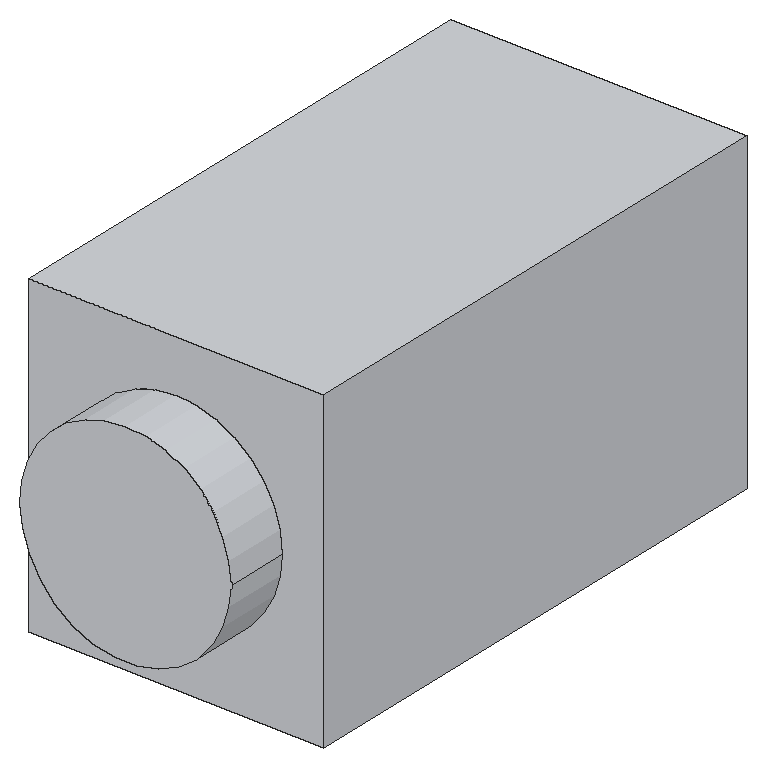
Revit family "3dd473069c784ccebd6f075298da341b", category Duct Fittings, Revit 2021
Family settings
  Round Connector Dimension = Use Radius
  Part Type = Tee
  OmniClass Number = 23.75.70.14
  OmniClass Title = Air Ductwork
  Seek Item ID = Rectangular to Round Tee - Transition-0000-USA-ENU
  Work Plane-Based = No
  Always vertical = Yes
  Cut with Voids When Loaded = No
  Shared = No
Parameters (values of type "Standard")
  Length 3 [instance] = Duct Length 2  # 6"
  Duct Width [instance] = 50"
  Duct Radius [instance] = 10"
  Duct Length 2 [instance] = 6"
  Duct Length 1 [instance] = Duct Diameter + 0' 8"  # 28"
  Duct Height [instance] = 30"
  Duct Diameter [instance] = 2 * Duct Radius  # 20"
  Default Elevation = 0' - 0"
Reference planes (in)
  plane 1 "Center (Front/Back)": y = 0
  plane 2: z = 0
  plane 3 "Center (Left/Right)": x = 0
  plane 4: x = -14
  plane 5: x = 14
  plane 6: y = 25
  plane 7: y = -25
  plane 8: y = -31
Forms (in)
  Sweep 1, solid, detail levels medium+fine
    path in 3D
      loop
        line (-14, 0, 0) -> (14, 0, 0)
    profile "Rectangular Duct Profile : Duct - Rectangular 1" origin (0, 0, 0) x (0, 1, 0) y (0, 0, 1)
      loop
        line (-25, 15) -> (-25, -15) -> (25, -15) -> (25, 15) -> (-25, 15)
  Sweep 2, solid, detail levels medium+fine
    path in 3D
      loop
        line (0, 0, 0) -> (0, -31, 0)
    profile origin (0, -15.5, 0) x (1, 0, 0) y (0, 0, 1)
      loop
        circle (0, 0) r 10
Cuts and joins
  joined: Sweep 1, Sweep 2
Lines and regions (in)
  model lines, detail levels coarse
    curve 1: line (-14, 0, 0) -> (14, 0, 0)
    curve 3: line (0, 0, 0) -> (0, -31, 0)
  sketch lines
    curve 2: line (-14, 0, 0) -> (14, 0, 0)
    curve 4: line (0, 0, 0) -> (0, -31, 0)
Dimensions and locks (in)
  equal spacing: plane 4, plane 3 "Center (Left/Right)", plane 5
  "Duct Length 1": plane 4 to plane 5
  "Duct Width": plane 6 to plane 7
  equal spacing: plane 6, plane 1 "Center (Front/Back)", plane 7
  "Length 3": plane 7 to plane 8
  "Duct Radius": radius of Sweep 2 sketch curve
  aligned and locked: plane 1 "Center (Front/Back)" to curve 1
  aligned and locked: plane 4 to curve 1
  aligned and locked: plane 5 to curve 1
  aligned and locked: curve 3 to plane 3 "Center (Left/Right)"
  aligned and locked: plane 8 to curve 3
  aligned and locked: plane 1 "Center (Front/Back)" to curve 3
Automatic sketch dimensions
  Sweep 2 sketch curve to profile plane = 0' - 0"  (x2)
Connectors (in)
  hvac at (-14, 0, 0), driven by "Duct Height", driven by "Duct Width"
    settings: on cut or joined group of Sweep 1, Sweep 2, index 1, duct flow 0 CFM, flow factor 0, pres drop 0.00 in-wg, loss coef 0, conn angle 0.00°, conn width 50", conn height 30", conn diameter 24", duct sys type 28, conn prof type 1, flow config 0, flow direction 0, loss method 0, conn ref index 2, conn util no, is conn primary yes, conn desc ""
  hvac at (14, 0, 0), driven by "Duct Height", driven by "Duct Width"
    settings: on cut or joined group of Sweep 1, Sweep 2, index 2, duct flow 0 CFM, flow factor 0, pres drop 0.00 in-wg, loss coef 0, conn angle 0.00°, conn width 50", conn height 30", conn diameter 24", duct sys type 28, conn prof type 1, flow config 0, flow direction 0, loss method 0, conn ref index 1, conn util no, is conn primary no, conn desc ""
  hvac at (0, -31, 0), driven by "Duct Radius"
    settings: on cut or joined group of Sweep 1, Sweep 2, index 3, duct flow 0 CFM, flow factor 0, pres drop 0.00 in-wg, loss coef 0, conn angle 0.00°, conn width 12", conn height 12", conn diameter 20", duct sys type 28, conn prof type 0, flow config 0, flow direction 0, loss method 0, conn ref index -1, conn util no, is conn primary no, conn desc ""
